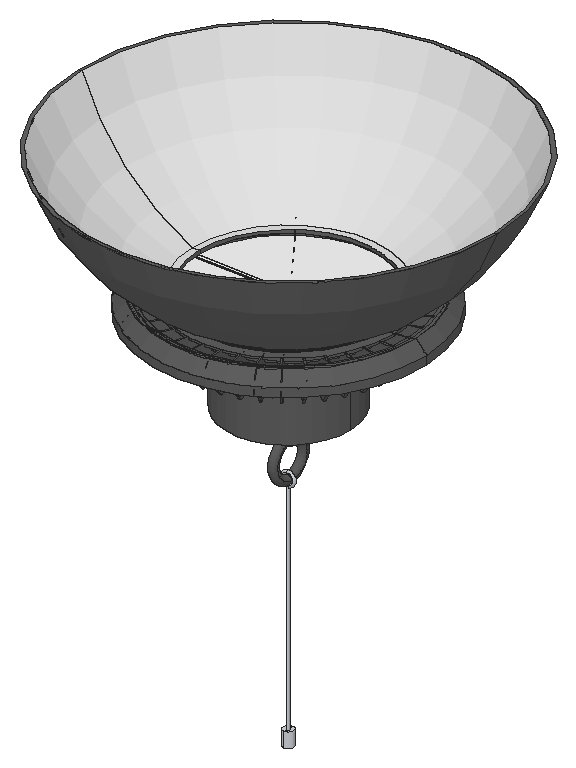
Revit family "0039365+0039357 Sylvania Lighting Fixture START HighBay IP65 DALI 13000lm 840 WB with ALU SHADE BLACK COLOR FOR 13 19KLM pendant", category Lighting Fixtures, host Face, Revit 2017
Family settings
  Host = Face
  Round Connector Dimension = Use Diameter
  Part Type = Normal
  OmniClass Number = 23.80.70.00
  OmniClass Title = Lighting
  Cut with Voids When Loaded = No
  Light Source = Yes
  Shared = No
  Room Calculation Point = No
Parameters (values of type "0039365+0039357 START HighBay IP65 DALI 13000lm 840 WB with ALU SHADE BLACK COLOR FOR 13/19KLM")
  WidthStraight_FEILO = if(SizeS_FEILO, 3 mm, if(SizeM_FEILO, 4 mm, 4.7 mm))  # 3 mm
  WidthRingChamfer_FEILO = if(SizeS_FEILO, 10.3 mm, if(SizeM_FEILO, 11.2 mm, 12.9 mm))  # 10.3 mm
  WidthCurved_FEILO = if(SizeS_FEILO, 17.4 mm, if(SizeM_FEILO, 16.4 mm, 26.2 mm))  # 17.4 mm
  WidthCurvedRing_FEILO = if(SizeS_FEILO, 3 mm, if(SizeM_FEILO, 4 mm, 4.7 mm))  # 3 mm
  WidthBracket_FEILO = 40 mm
  Weight = "3.0 kg"
  Wattage Comments = ""
  Wattage = 90 W
  WarrantyStartDate [instance] = "n/a"
  WarrantyGuarantorParts = "n/a"
  WarrantyDurationUnit = "n/a"
  WarrantyDurationParts = "n/a"
  WarrantyDescription = "n/a"
  built-in parameter 1150110 = 1 (stored number, unit not read)
  Voltage = 0 V
  VisibilityBracket_FEILO = no
  URL = "http://www.sylvania-lighting.com"
  TypeName = "START HighBay IP65 DALI 13000lm 840 WB with ALU SHADE BLACK COLOR FOR 13/19KLM"
  Type Image = <None>
  Type Comments = "n/a"
  built-in parameter 1114217 = 1 (stored number, unit not read)
  Tilt Angle = -90.00°
  ThicknessWall_FEILO = 1.5 mm
  ThicknessBracket_FEILO = 1.5 mm
  ThicknessBracketHalf_FEILO = ThicknessBracket_FEILO / 2  # 0.75 mm
  built-in parameter 1150109 = 1 (stored number, unit not read)
  built-in parameter 1150134 = 1
  SuspensionHeight_FEILO [instance] = 400 mm
  built-in parameter 1150113 = 1 (stored number, unit not read)
  SizeS_FEILO = yes
  SizeM_FEILO = no
  ShadeThickness_FEILO = 3 mm
  ShadeSizeSM_FEILO = or(SizeS_FEILO, SizeM_FEILO)  # yes
  ShadeRadiusOut_FEILO = 205 mm
  ShadeRadiusIn_FEILO = if(ShadeSizeSM_FEILO, 95 mm, 121 mm)  # 95 mm
  ShadeRadiusBend_FEILO = if(ShadeSizeSM_FEILO, 210 mm, 210 mm)  # 210 mm
  ShadeHeight_FEILO = if(ShadeSizeSM_FEILO, 120 mm, 151 mm)  # 120 mm
  SerialNumber [instance] = "n/a"
  Rib4_FEILO = if(SizeS_FEILO, 18.1 mm, if(SizeM_FEILO, 13.6 mm, 14.6 mm))  # 18.1 mm
  Rib3_FEILO = if(SizeS_FEILO, 15.3 mm, if(SizeM_FEILO, 17.6 mm, 20.2 mm))  # 15.3 mm
  Rib2_FEILO = if(SizeS_FEILO, 3.6 mm, if(SizeM_FEILO, 3.9 mm, 4.5 mm))  # 3.6 mm
  Rib1_FEILO = if(SizeS_FEILO, 15.1 mm, if(SizeM_FEILO, 16.5 mm, 19 mm))  # 15.1 mm
  RadiusDiffuser_FEILO = if(SizeS_FEILO, 95.2 mm, if(SizeM_FEILO, 105.3 mm, 120 mm))  # 95.2 mm
  RadiusArrayPost_FEILO = DriverRadius_FEILO - 6 mm  # 55.4 mm
  RHRadius3_FEILO = if(SizeS_FEILO, 6.6 mm, if(SizeM_FEILO, 7.4 mm, 8.6 mm))  # 6.6 mm
  RHRadius2_FEILO = if(SizeS_FEILO, 11 mm, if(SizeM_FEILO, 12 mm, 14 mm))  # 11 mm
  RHRadius1_FEILO = if(SizeS_FEILO, 13.6 mm, if(SizeM_FEILO, 14.9 mm, 17.7 mm))  # 13.6 mm
  RHHeight4_FEILO = if(SizeS_FEILO, 7.3 mm, if(SizeM_FEILO, 8 mm, 9.2 mm))  # 7.3 mm
  RHHeight3_FEILO = if(SizeS_FEILO, 3.6 mm, if(SizeM_FEILO, 3.7 mm, 4.6 mm))  # 3.6 mm
  RHHeight2_FEILO = if(SizeS_FEILO, 2 mm, if(SizeM_FEILO, 2.2 mm, 2.6 mm))  # 2 mm
  RHHeight1_FEILO = if(SizeS_FEILO, 11.8 mm, if(SizeM_FEILO, 15.3 mm, 17.4 mm))  # 11.8 mm
  Photometric Web File = "0039365+0039357.ies"
  Material_5_FEILO = Shade-Sylvania-StartHighbay-Alu
  Material_3_FEILO = LED-Sylvania-StartHighbay-Glow
  PowerFactor = 0.95
  PowerConsumption = "90 W"
  NominalLength = 270 mm
  NominalHeight = 175 mm
  NominalDepth = 270 mm
  Name = "START HighBay IP65 DALI 13000lm 840 WB with ALU SHADE BLACK COLOR FOR 13/19KLM"
  ModelReference = Name  # "START HighBay IP65 DALI 13000lm 840 WB with ALU SHADE BLACK COLOR FOR 13/19KLM"
  ModelNumber = "0039365+0039357"
  Model = Name  # "START HighBay IP65 DALI 13000lm 840 WB with ALU SHADE BLACK COLOR FOR 13/19KLM"
  Material = "aluminium alloy housing, polycarbonate diffuser"
  ManufacturerName = "Feilo Sylvania"
  Manufacturer = "Feilo Sylvania"
  LuminousEfficacy = "130 lm/W"
  built-in parameter 1150105 = 15901.2 (stored number, unit not read)
  Lumens = 11700 lm
  LuminaireType = ""
  built-in parameter 1150115 = 1 (stored number, unit not read)
  LightOutputRatio = "n/a"
  built-in parameter 1150137 = (empty or 0)
  built-in parameter 1150139 = (empty or 0)
  LampsType = Lamp  # "LED"
  LampNominalLuminous = "11700 lm"
  LampMacAdamStep = "6"
  LampColourTemperature = "6500 K"
  LampColourRenderingIndex = "80"
  built-in parameter 1150112 = 1 (stored number, unit not read)
  built-in parameter 1150114 = 1 (stored number, unit not read)
  Lamp = "LED"
  Keynote = "16500"
  InstallationDate [instance] = "n/a"
  InputVoltage = "n/a"
  InputNominalFrequency = "50/60 Hz"
  built-in parameter 1150132 = (empty or 0)
  built-in parameter 1150102 = (empty or 0)
  built-in parameter 1150107 = 6500 (stored number, unit not read)
  built-in parameter 1150138 = (empty or 0)
  IngressProtection = "IP65"
  ImpactProtectionIndex = "IK08"
  built-in parameter 1150106 = 159.01 (stored number, unit not read)
  IfcExportType = "IfcLightFixtureType"
  IfcExportAs = "IfcLightFixtureType"
  HeightRing_FEILO = if(SizeS_FEILO, 19.8 mm, if(SizeM_FEILO, 32 mm, 36.8 mm))  # 19.8 mm
  HeightRingChamfer_FEILO = if(SizeS_FEILO, 11.7 mm, if(SizeM_FEILO, 23.2 mm, 26.6 mm))  # 11.7 mm
  EyeThickness_FEILO = if(SizeS_FEILO, 8.4 mm, if(SizeM_FEILO, 9.2 mm, 10.5 mm))  # 8.4 mm
  EyeThicknessHalf_FEILO = EyeThickness_FEILO / 2  # 4.2 mm
  EyeInner_FEILO = if(SizeS_FEILO, 13.8 mm, if(SizeM_FEILO, 15.1 mm, 17.3 mm))  # 13.8 mm
  ExpectedLife = 50000
  Emit from Circle Diameter = RadiusDiffuser_FEILO * 2  # 190.4 mm
  Emit Shape Visible in Rendering = no
  ElectricShockClassification = "Class I"
  built-in parameter 1150104 = 12.077 (stored number, unit not read)
  DurationUnit = "hours"
  DriverVerticalStraight_FEILO = if(SizeS_FEILO, 46.5 mm, if(SizeM_FEILO, 49.7 mm, 57 mm))  # 46.5 mm
  DriverVerticalChamfer_FEILO = if(SizeS_FEILO, 7.5 mm, if(SizeM_FEILO, 8.2 mm, 9.5 mm))  # 7.5 mm
  DriverRadius_FEILO = if(SizeS_FEILO, 61.4 mm, if(SizeM_FEILO, 67.2 mm, 76.4 mm))  # 61.4 mm
  DriverRadiusTop_FEILO = if(SizeS_FEILO, 42 mm, if(SizeM_FEILO, 45.3 mm, 52.4 mm))  # 42 mm
  DriverBottom_FEILO = if(SizeS_FEILO, 56 mm, if(SizeM_FEILO, 64.5 mm, 74 mm))  # 56 mm
  DocumentationLiterature = "http://www.sylvania-lighting.com/product/en-int/products/0039365"
  DimmingControlOptions = "Dimmable"
  Material_2_FEILO = Diffuser-Sylvania-StartHighbay-Transparent
  Radius_FEILO = if(SizeS_FEILO, 135 mm, if(SizeM_FEILO, 148 mm, 169.5 mm))  # 135 mm
  Dimming Lamp Color Temperature Shift = <None>
  DiameterWire_FEILO = 3 mm
  DiameterWireSupport_FEILO = 10 mm
  Description = "START Highbay, includes 1 m cables, black aluminium housing, 11,700 Lm, 90 W, 130 Lm/W, 6500 K, drive current: 2000 mA, CRI 80, 90° beam angle, DALI dimmable, IP65, IK08, 50,000 hrs (L80/B50), (D x H) 270 x 175 mm."
  Default Elevation = 1219.2 mm
  CreatedOn = "5/15/2018"
  CreatedBy = ""
  Cost = 0
  Color Filter = 16777215
  built-in parameter 1114216 [instance] = (empty or 0)
  ClassificationValue = "EF_70_80"
  ClassificationName = "Uniclass2015"
  Material_1_FEILO = Body-Sylvania-StartHighbay-Black
  BarCode [instance] = "n/a"
  built-in parameter 1114218 = 1 (stored number, unit not read)
  built-in parameter 1150133 = 10 (stored number, unit not read)
  AssetType = "Fixed"
  AssetIdentifier [instance] = "n/a"
  Assembly Code = "D5020200"
  Apparent Load = 90 VA
  Material_4_FEILO = Shade-Sylvania-StartHighbay-Black
Reference planes
  plane 1 "Center (Front/Back)": y = 0
  plane 2: z = 0
  plane 3 "Center (Left/Right)": x = 0
  plane 4: z = 400
  plane 5: x = -135
  plane 6: x = -124.7
  plane 7: z = 388.3
  plane 8: z = 380.2
  plane 9: x = -121.7
  plane 10: z = 397.375
  plane 11: x = -104.3
  plane 12: x = -95.2
  plane 13: x = -118.7
  plane 14: z = 398.375
  plane 15: z = 396.375
  plane 16: x = -92.2
  plane 17: z = 395.375
  plane 18: x = -133.5
  plane 19: x = -119.9
  plane 20: z = 376.6
  plane 21: x = -104.6
  plane 22: z = 358.5
  plane 23: x = -20
  plane 24: z = 344
  plane 25: x = -61.4
  plane 26: z = 297.5
  plane 27: x = -42
  plane 28: z = 290
  plane 29: x = -13.6
  plane 30: z = 278.2
  plane 31: z = 276.2
  plane 32: x = -11
  plane 33: z = 272.6
  plane 34: z = 265.3
  plane 35: x = -6.6
  plane 36: z = 251.5
  plane 37: z = 237.7
  plane 38: x = 4.2
  plane 39: x = -4.2
  plane 40: z = 229.3
  plane 41: z = 233.5
  plane 42: x = -129.1
  plane 43: x = -132.5
  plane 44: z = 378.7
  plane 45: x = -123.2
  plane 46: z = 320.75
  plane 47: y = -20
  plane 48: y = 20
  plane 49: x = 135
  plane 50: x = 124.7
  plane 51: x = 133.5
  plane 52: x = 129.1
  plane 53: x = 132.5
  plane 54: x = 123.2
  plane 55: z = 240.7
  plane 56: y = 1.5
  plane 57: y = -1.5
  plane 58: z = 239.2
  plane 59: z = 227.8
  plane 60: z = 226.3
  plane 61: y = -5
  plane 62: y = 5
  plane 63: z = 14
  plane 64: x = -205
  plane 65: z = 520
  plane 66: x = -95
  plane 67: x = -87
  plane 68: x = -202
  plane 69: z = 403
Forms (mm)
  Revolve 1, solid, material "Body-Sylvania-StartHighbay-Black" <- "Material_1_FEILO", detail levels medium+fine
    sketch origin (0, 0, 0) x (1, 0, 0) y (0, 0, 1)
      loop
        line (-135, 380.2) -> (-133.5, 380.2) -> (-133.5, 387.734) -> (-125.012, 397.375) -> (-118.7, 397.375) -> (-118.7, 399.16)
        arc (-118.7, 399.16) -> (-120.206, 399.56) -> (-121.7, 400) r 58.981
        line (-121.7, 400) -> (-124.241, 400)
        arc (-124.241, 400) -> (-124.657, 399.911) -> (-124.999, 399.66) r 1.015
        line (-124.999, 399.66) -> (-135, 388.3) -> (-135, 380.2)
      axis (0, 400) -> (0, 380.2)
    angle from 360 to 0
  Revolve 2, solid, material "Body-Sylvania-StartHighbay-Black" <- "Material_1_FEILO", detail levels medium+fine
    sketch origin (0, 0, 0) x (1, 0, 0) y (0, 0, 1)
      loop
        line (-104.3, 395.375) -> (-95.2, 395.375) -> (-95.2, 388.3) -> (0, 388.3) -> (0, 395.375) -> (-92.2, 395.375) -> (-92.2, 396.375) -> (-95.2, 396.375) -> (-95.2, 397.375) -> (-104.3, 397.375) -> (-104.3, 395.375)
      axis (0, 397.375) -> (0, 388.3)
    angle from 360 to 0
  Revolve 3, solid, material "Diffuser-Sylvania-StartHighbay-Transparent" <- "Material_2_FEILO", detail levels medium+fine
    sketch origin (0, 0, 0) x (1, 0, 0) y (0, 0, 1)
      loop
        line (-95.2, 396.375) -> (0, 396.375) -> (0, 398.375) -> (-95.2, 398.375) -> (-95.2, 396.375)
      axis (0, 398.375) -> (0, 396.375)
    angle from 360 to 0
  Revolve 4, solid, material "Body-Sylvania-StartHighbay-Black" <- "Material_1_FEILO"
    sketch origin (0, 0, 0) x (1, 0, 0) y (0, 0, 1)
      loop
        line (-61.4, 358.5) -> (-61.4, 297.5) -> (-42, 290) -> (-13.6, 290) -> (-13.6, 278.2) -> (-11, 276.2) -> (-11, 272.6) -> (-7.037, 266.026)
        arc (-7.037, 266.026) -> (-6.49, 265.494) -> (-5.753, 265.3) r 1.5
        line (-5.753, 265.3) -> (0, 265.3) -> (0, 358.5) -> (-61.4, 358.5)
      axis (0, 358.5) -> (0, 265.3)
    angle from 360 to 0
  Revolve 5, solid, material "Body-Sylvania-StartHighbay-Black" <- "Material_1_FEILO"
    sketch origin (0, 0, 0) x (1, 0, 0) y (0, 0, 1)
      loop
        circle (0, 233.5) r 4.2
      axis (4.2, 251.5) -> (-4.2, 251.5)
    angle from 360 to 0
  Extrusion 6, solid, material "Body-Sylvania-StartHighbay-Black" <- "Material_1_FEILO", visible <- "VisibilityBracket_FEILO"
    sketch origin (0, 0, 0) x (1, 0, 0) y (0, 0, 1)
      loop
        line (-132.5, 380.2) -> (-132.5, 378.7) -> (-125.45, 378.7)
        arc (-125.45, 378.7) -> (-124.92, 378.48) -> (-124.7, 377.95) r 0.75
        line (-124.7, 377.95) -> (-124.7, 320.75) -> (-123.2, 320.75) -> (-123.2, 378.7)
        arc (-123.2, 378.7) -> (-123.639, 379.761) -> (-124.7, 380.2) r 1.5
        line (-124.7, 380.2) -> (-132.5, 380.2)
      loop
        line (132.5, 380.2) -> (124.7, 380.2)
        arc (124.7, 380.2) -> (123.639, 379.761) -> (123.2, 378.7) r 1.5
        line (123.2, 378.7) -> (123.2, 320.75) -> (124.7, 320.75) -> (124.7, 377.95)
        arc (124.7, 377.95) -> (124.92, 378.48) -> (125.45, 378.7) r 0.75
        line (125.45, 378.7) -> (132.5, 378.7) -> (132.5, 380.2)
    from -20 to 20
  Extrusion 7, void
    sketch origin (0, 0, 0) x (0, 1, 0) y (0, 0, 1)
      loop
        arc (-10, 320.75) -> (-17.071, 323.679) -> (-20, 330.75) r 10
        line (-20, 330.75) -> (-25, 330.75) -> (-25, 315.75) -> (-10, 315.75) -> (-10, 320.75)
      loop
        line (10, 320.75) -> (10, 315.75) -> (25, 315.75) -> (25, 330.75) -> (20, 330.75)
        arc (20, 330.75) -> (17.071, 323.679) -> (10, 320.75) r 10
    from -124.7 to 124.7
  Revolve 8, solid, material "Body-Sylvania-StartHighbay-Black" <- "Material_1_FEILO", detail levels coarse
    sketch origin (0, 0, 0) x (1, 0, 0) y (0, 0, 1)
      loop
        line (0, 400) -> (-124.7, 400) -> (-135, 388.3) -> (-135, 380.2) -> (-119.9, 380.2) -> (-119.9, 376.6) -> (-104.6, 358.5) -> (0, 358.5) -> (0, 400)
      axis (0, 400) -> (0, 358.5)
    angle from 360 to 0
  Revolve 9, solid
    sketch origin (0, 0, 0) x (0, 1, 0) y (0, 0, 1)
      loop
        circle (0, 239.2) r 1.5
      axis (1.5, 233.5) -> (-1.5, 233.5)
    angle from 360 to 0
  Revolve 10, solid
    sketch origin (0, 0, 0) x (0, 1, 0) y (0, 0, 1)
      loop
        line (0, 0) -> (0, 227.8) -> (-1.5, 227.8) -> (-1.5, 14) -> (-5, 14) -> (-5, 0) -> (0, 0)
      axis (0, 0) -> (0, 227.8)
    angle from 360 to 0
  Revolve 11, solid, material "Shade-Sylvania-StartHighbay-Black" <- "Material_4_FEILO"
    sketch origin (0, 0, 0) x (1, 0, 0) y (0, 0, 1)
      loop
        line (-95, 400) -> (-87, 400) -> (-87, 403) -> (-94.341, 403)
        arc (-94.341, 403) -> (-159.747, 450.78) -> (-201.81, 520) r 207
        line (-201.81, 520) -> (-205, 520)
        arc (-205, 520) -> (-162.101, 448.908) -> (-95, 400) r 210
      axis (0, 520) -> (0, 400)
    angle from 360 to 0
Cuts and joins
  Extrusion 7 cuts Extrusion 6
Lines and regions (mm)
  reference lines
    curve 1: line (-135, 0, 388.3) -> (-124.7, 0, 400)
    curve 2: line (-104.3, 0, 397.375) -> (0, 0, 397.375)
    curve 3: arc (-104.3, 0, 397.375) -> (-113.098, 0, 398.035) -> (-121.7, 0, 400) r 58.981
    curve 4: line (-124.7, 0, 400) -> (-121.7, 0, 400)
    curve 5: line (-125.012, 0, 397.375) -> (-133.5, 0, 387.734)
    curve 6: line (-119.9, 0, 376.6) -> (-104.6, 0, 358.5)
    curve 7: line (-11, 0, 272.6) -> (-6.6, 0, 265.3)
    curve 8: circle (0, 0, 233.5) r 4.2 normal (0, -1, 0)
    curve 9: arc (-95, 0, 400) -> (-162.101, 0, 448.908) -> (-205, 0, 520) r 210
Dimensions and locks
  "Radius_FEILO": plane 3 "Center (Left/Right)" to plane 5
  "WidthRingChamfer_FEILO": plane 6 to plane 5
  "WidthStraight_FEILO": plane 9 to plane 6
  "WidthCurvedRing_FEILO": plane 13 to plane 9
  locked: plane 10 to plane 15 at 1
  locked: plane 14 to plane 10 at 1
  locked: plane 4 to plane 10 at 2.625
  locked: plane 15 to plane 17 at 1
  "ThicknessWall_FEILO": plane 18 to plane 5
  "ThicknessWall_FEILO": curve 5 to curve 1
  "HeightRingChamfer_FEILO": plane 4 to plane 7
  "HeightRing_FEILO": plane 4 to plane 8
  "RadiusDiffuser_FEILO": plane 3 "Center (Left/Right)" to plane 12
  locked: plane 16 to plane 12 at 3
  "WidthCurved_FEILO": plane 11 to plane 9
  "SuspensionHeight_FEILO": plane 4 to plane 2
  "Rib1_FEILO": plane 19 to plane 5
  "Rib2_FEILO": plane 8 to plane 20
  "Rib3_FEILO": plane 21 to plane 19
  "Rib4_FEILO": plane 20 to plane 22
  locked: plane 3 "Center (Left/Right)" to plane 23 at 20
  "DriverBottom_FEILO": plane 4 to plane 24
  "DriverRadius_FEILO": plane 3 "Center (Left/Right)" to plane 25
  "DriverVerticalStraight_FEILO": plane 24 to plane 26
  "DriverRadiusTop_FEILO": plane 3 "Center (Left/Right)" to plane 27
  "DriverVerticalChamfer_FEILO": plane 26 to plane 28
  "RHRadius1_FEILO": plane 3 "Center (Left/Right)" to plane 29
  "RHHeight2_FEILO": plane 30 to plane 31
  "RHRadius2_FEILO": plane 3 "Center (Left/Right)" to plane 32
  "RHHeight3_FEILO": plane 31 to plane 33
  "RHHeight4_FEILO": plane 33 to plane 34
  "RHRadius3_FEILO": plane 3 "Center (Left/Right)" to plane 35
  "RHHeight1_FEILO": plane 28 to plane 30
  "EyeInner_FEILO": plane 34 to plane 36
  "EyeInner_FEILO": plane 36 to plane 37
  equal spacing: plane 38, plane 3 "Center (Left/Right)", plane 39
  "EyeThickness_FEILO": plane 38 to plane 39
  "EyeThickness_FEILO": plane 37 to plane 40
  equal spacing: plane 37, plane 41, plane 40
  equal spacing: plane 6, plane 42, plane 18
  "ThicknessBracket_FEILO": plane 45 to plane 6
  "ThicknessBracket_FEILO": plane 8 to plane 44
  locked: plane 43 to plane 18 at 1
  equal spacing: plane 24, plane 46, plane 26
  equal spacing: plane 47, plane 1 "Center (Front/Back)", plane 48
  "WidthBracket_FEILO": plane 47 to plane 48
  "WidthRingChamfer_FEILO": plane 50 to plane 49
  "ThicknessWall_FEILO": plane 51 to plane 49
  equal spacing: plane 50, plane 52, plane 51
  "ThicknessBracket_FEILO": plane 54 to plane 50
  locked: plane 53 to plane 51 at 1
  "Radius_FEILO": plane 49 to plane 3 "Center (Left/Right)"
  equal spacing: plane 57, imposter light, plane 56
  "DiameterWire_FEILO": plane 57 to plane 56
  "DiameterWire_FEILO": plane 37 to plane 55
  equal spacing: plane 37, plane 58, plane 55
  "DiameterWire_FEILO": plane 60 to plane 40
  equal spacing: plane 60, plane 59, plane 40
  equal spacing: plane 61, plane 1 "Center (Front/Back)", plane 62
  "DiameterWireSupport_FEILO": plane 61 to plane 62
  locked: plane 63 to plane 2 at 14
  "ShadeRadiusOut_FEILO": plane 3 "Center (Left/Right)" to plane 64
  "ShadeHeight_FEILO": plane 65 to plane 4
  "ShadeRadiusIn_FEILO": plane 3 "Center (Left/Right)" to plane 66
  locked: plane 67 to plane 66 at 8
  "ShadeThickness_FEILO": plane 69 to plane 4
  "ShadeThickness_FEILO": plane 68 to plane 64
  "EyeThicknessHalf_FEILO": radius of curve 8
  "ThicknessBracket_FEILO": radius of Extrusion 6 sketch curve  (x2)
  "ThicknessBracketHalf_FEILO": radius of Extrusion 6 sketch curve  (x2)
  "DiameterWire_FEILO": diameter of Revolve 9 sketch curve
  "ShadeRadiusBend_FEILO": radius of curve 9
  aligned and locked: plane 2 to host face
  aligned and locked: level to host face
  aligned and locked: plane 5 to curve 1
  aligned and locked: plane 6 to curve 1
  aligned and locked: plane 7 to curve 1
  aligned and locked: plane 10 to curve 2
  aligned and locked: plane 9 to curve 3
  aligned and locked: plane 4 to curve 3
  aligned and locked: plane 11 to curve 3
  aligned and locked: plane 4 to curve 4
  aligned and locked: plane 18 to curve 5
  aligned and locked: plane 10 to curve 5
  aligned and locked: Revolve 1 sketch curve to plane 3 "Center (Left/Right)"
  aligned and locked: Revolve 1 sketch curve to curve 3
  aligned and locked: Revolve 1 sketch curve to curve 1
  aligned and locked: plane 4 to Revolve 1 sketch curve
  aligned and locked: plane 9 to Revolve 1 sketch curve
  aligned and locked: Revolve 1 sketch curve to plane 13
  aligned and locked: Revolve 1 sketch curve to plane 10
  aligned and locked: plane 13 to Revolve 1 sketch curve
  aligned and locked: plane 10 to Revolve 1 sketch curve
  aligned and locked: Revolve 1 sketch curve to plane 18
  aligned and locked: Revolve 1 sketch curve to plane 8
  aligned and locked: plane 5 to Revolve 1 sketch curve  (x2)
  aligned and locked: Revolve 2 sketch curve to plane 3 "Center (Left/Right)"
  aligned and locked: plane 11 to Revolve 2 sketch curve
  aligned and locked: Revolve 2 sketch curve to curve 2
  aligned and locked: plane 15 to Revolve 2 sketch curve
  aligned and locked: Revolve 2 sketch curve to plane 16
  aligned and locked: plane 17 to Revolve 2 sketch curve  (x2)
  aligned and locked: Revolve 2 sketch curve to plane 12
  aligned and locked: plane 7 to Revolve 2 sketch curve
  aligned and locked: Revolve 3 sketch curve to plane 3 "Center (Left/Right)"
  aligned and locked: Revolve 3 sketch curve to plane 14
  aligned and locked: plane 3 "Center (Left/Right)" to Revolve 3 sketch curve
  aligned and locked: Revolve 3 sketch curve to plane 12
  aligned and locked: plane 15 to Revolve 3 sketch curve
  aligned and locked: Revolve 1 sketch curve to curve 5
  aligned and locked: plane 22 to curve 6
  aligned and locked: plane 21 to curve 6
  aligned and locked: plane 20 to curve 6
  aligned and locked: plane 19 to curve 6
  aligned and locked: plane 33 to curve 7
  aligned and locked: plane 32 to curve 7
  aligned and locked: plane 35 to curve 7
  aligned and locked: plane 34 to curve 7
  aligned and locked: Revolve 4 sketch curve to plane 3 "Center (Left/Right)"
  aligned and locked: Revolve 4 sketch curve to plane 25
  aligned and locked: plane 27 to Revolve 4 sketch curve
  aligned and locked: plane 28 to Revolve 4 sketch curve
  aligned and locked: plane 30 to Revolve 4 sketch curve
  aligned and locked: Revolve 4 sketch curve to plane 29
  aligned and locked: plane 31 to Revolve 4 sketch curve
  aligned and locked: Revolve 4 sketch curve to curve 7
  aligned and locked: Revolve 4 sketch curve to plane 32
  aligned and locked: plane 34 to Revolve 4 sketch curve
  aligned and locked: plane 3 "Center (Left/Right)" to Revolve 4 sketch curve
  aligned and locked: plane 3 "Center (Left/Right)" to curve 8
  aligned and locked: plane 41 to curve 8
  aligned and locked: Revolve 5 sketch curve to plane 36
  aligned and locked: Revolve 5 sketch curve to curve 8
  aligned and locked: plane 43 to Extrusion 6 sketch curve  (x2)
  aligned and locked: plane 8 to Extrusion 6 sketch curve  (x3)
  aligned and locked: Extrusion 6 sketch curve to plane 45
  aligned and locked: Extrusion 6 sketch curve to plane 46  (x2)
  aligned and locked: plane 6 to Extrusion 6 sketch curve
  aligned and locked: Extrusion 6 sketch curve to plane 44  (x2)
  aligned and locked: Extrusion 6 to plane 48
  aligned and locked: plane 47 to Extrusion 6
  aligned and locked: plane 53 to Extrusion 6 sketch curve
  aligned and locked: plane 50 to Extrusion 6 sketch curve
  aligned and locked: Extrusion 6 sketch curve to plane 54
  aligned and locked: Extrusion 7 sketch curve to Extrusion 7 sketch curve
  aligned and locked: Extrusion 7 to plane 6
  aligned and locked: Extrusion 7 to Extrusion 6
  aligned and locked: Revolve 4 sketch curve to plane 22
  aligned and locked: plane 23 to nested 1
  aligned and locked: plane 1 "Center (Front/Back)" to nested 1
  aligned and locked: Revolve 8 sketch curve to plane 3 "Center (Left/Right)"
  aligned and locked: Revolve 8 sketch curve to plane 4
  aligned and locked: plane 6 to Revolve 8 sketch curve
  aligned and locked: plane 4 to Revolve 8 sketch curve
  aligned and locked: plane 7 to Revolve 8 sketch curve
  aligned and locked: Revolve 8 sketch curve to plane 5
  aligned and locked: plane 8 to Revolve 8 sketch curve  (x2)
  aligned and locked: Revolve 8 sketch curve to plane 19
  aligned and locked: plane 20 to Revolve 8 sketch curve
  aligned and locked: plane 19 to Revolve 8 sketch curve
  aligned and locked: plane 21 to Revolve 8 sketch curve
  aligned and locked: plane 22 to Revolve 8 sketch curve  (x2)
  aligned and locked: Revolve 8 sketch curve to Revolve 8 sketch curve
  aligned and locked: imposter light to plane 4
  aligned and locked: plane 3 "Center (Left/Right)" to imposter light
  aligned and locked: imposter light to plane 1 "Center (Front/Back)"
  aligned and locked: Revolve 9 sketch curve to plane 41
  aligned and locked: Revolve 10 sketch curve to plane 1 "Center (Front/Back)"
  aligned and locked: plane 1 "Center (Front/Back)" to Revolve 10 sketch curve  (x2)
  aligned and locked: host face to Revolve 10 sketch curve
  aligned and locked: plane 63 to Revolve 10 sketch curve
  aligned and locked: Revolve 10 sketch curve to plane 61
  aligned and locked: Revolve 10 sketch curve to plane 57
  aligned and locked: plane 59 to Revolve 10 sketch curve
  aligned and locked: plane 64 to curve 9
  aligned and locked: plane 65 to curve 9
  aligned and locked: plane 66 to curve 9
  aligned and locked: plane 4 to curve 9
  aligned and locked: Revolve 11 sketch curve to curve 9
  aligned and locked: plane 67 to Revolve 11 sketch curve
  aligned and locked: plane 66 to Revolve 11 sketch curve
  aligned and locked: plane 65 to Revolve 11 sketch curve  (x2)
  aligned and locked: Revolve 11 sketch curve to plane 67
  aligned and locked: plane 69 to Revolve 11 sketch curve
Automatic sketch dimensions
  host sketch curve to host sketch curve = 2438.4 mm  (x2)
  Revolve 1 sketch curve to plane 6 = 0.299 mm
  plane 6 to Revolve 1 sketch curve = 0.459 mm
  Revolve 1 sketch curve to level = 609.6 mm
  Revolve 1 sketch curve to Revolve 1 sketch curve = 2312.223 mm
  Revolve 2 sketch curve to plane 12 = 0 mm
  Revolve 2 sketch curve to plane 3 "Center (Left/Right)" = 0 mm
  Revolve 2 sketch curve to level = 609.6 mm
  Revolve 2 sketch curve to plane 4 = 2339.058 mm
  Revolve 3 sketch curve to level = 609.6 mm
  Revolve 3 sketch curve to plane 4 = 2339.058 mm
  Revolve 5 sketch curve to plane 5 = 1080 mm
  plane 38 to Revolve 5 sketch curve = 1219.2 mm
  Extrusion 7 sketch curve to plane 47 = 0 mm
  plane 46 to Extrusion 7 sketch curve = 0 mm  (x2)
  Extrusion 7 sketch curve to plane 48 = 0 mm
  plane 47 to Extrusion 7 sketch curve = 5 mm
  plane 1 "Center (Front/Back)" to Extrusion 7 sketch curve = 10 mm
  Extrusion 7 sketch curve to Extrusion 7 sketch curve = 10 mm
  plane 46 to Extrusion 7 sketch curve = 5 mm
  Extrusion 7 sketch curve to Extrusion 7 sketch curve = 5 mm
  Extrusion 7 sketch curve to plane 48 = 5 mm
  Revolve 4 sketch curve to plane 26 = 0 mm
  Revolve 4 sketch curve to plane 35 = 0.437 mm
  plane 35 to Revolve 4 sketch curve = 0.847 mm
  Revolve 4 sketch curve to plane 34 = 0.726 mm
  plane 40 to Revolve 4 sketch curve = 590.2 mm
  Revolve 4 sketch curve to plane 4 = 2339.058 mm
  Revolve 8 sketch curve to level = 609.6 mm
  Revolve 8 sketch curve to Revolve 8 sketch curve = 2386.058 mm
  Revolve 9 sketch curve to plane 1 "Center (Front/Back)" = 0 mm
  plane 58 to Revolve 9 sketch curve = 0 mm
  plane 47 to Revolve 9 sketch curve = 2534.941 mm
  Revolve 9 sketch curve to plane 48 = 2077.409 mm
  Revolve 10 sketch curve to Revolve 10 sketch curve = 609.6 mm
  Revolve 10 sketch curve to plane 4 = 2123.807 mm
  curve 2 to plane 3 "Center (Left/Right)" = 0 mm
  Revolve 11 sketch curve to Revolve 11 sketch curve = 0 mm  (x2)
  Revolve 11 sketch curve to plane 3 "Center (Left/Right)" = 0 mm
  plane 66 to Revolve 11 sketch curve = 0.659 mm
  Revolve 11 sketch curve to level = 609.6 mm
  Revolve 11 sketch curve to Revolve 11 sketch curve = 2068.248 mm
Nested families
  nested 1: "Start Highbay Rib" at (0, 0, 397.375), type "Type Name", detail levels medium+fine
    with SuspensionHeight_FEILO 2.6 mm
  nested 2: "Start Highbay Rib" at (0, 0, 397.375) x (0.9877, 0.1564, 0) z (0, 0, 1), type "Type Name", detail levels medium+fine
    with SuspensionHeight_FEILO 2.6 mm
  nested 3: "Start Highbay Rib" at (0, 0, 397.375) x (0.9511, 0.309, 0) z (0, 0, 1), type "Type Name", detail levels medium+fine
    with SuspensionHeight_FEILO 2.6 mm
  nested 4: "Start Highbay Rib" at (0, 0, 397.375) x (0.891, 0.454, 0) z (0, 0, 1), type "Type Name", detail levels medium+fine
    with SuspensionHeight_FEILO 2.6 mm
  nested 5: "Start Highbay Rib" at (0, 0, 397.375) x (0.809, 0.5878, 0) z (0, 0, 1), type "Type Name", detail levels medium+fine
    with SuspensionHeight_FEILO 2.6 mm
  nested 6: "Start Highbay Rib" at (0, 0, 397.375) x (0.7071, 0.7071, 0) z (0, 0, 1), type "Type Name", detail levels medium+fine
    with SuspensionHeight_FEILO 2.6 mm
  nested 7: "Start Highbay Rib" at (0, 0, 397.375) x (0.5878, 0.809, 0) z (0, 0, 1), type "Type Name", detail levels medium+fine
    with SuspensionHeight_FEILO 2.6 mm
  nested 8: "Start Highbay Rib" at (0, 0, 397.375) x (0.454, 0.891, 0) z (0, 0, 1), type "Type Name", detail levels medium+fine
    with SuspensionHeight_FEILO 2.6 mm
  nested 9: "Start Highbay Rib" at (0, 0, 397.375) x (0.309, 0.9511, 0) z (0, 0, 1), type "Type Name", detail levels medium+fine
    with SuspensionHeight_FEILO 2.6 mm
  nested 10: "Start Highbay Rib" at (0, 0, 397.375) x (0.1564, 0.9877, 0) z (0, 0, 1), type "Type Name", detail levels medium+fine
    with SuspensionHeight_FEILO 2.6 mm
  nested 11: "Start Highbay Rib" at (0, 0, 397.375) x (0, 1, 0) z (0, 0, 1), type "Type Name", detail levels medium+fine
    with SuspensionHeight_FEILO 2.6 mm
  nested 12: "Start Highbay Rib" at (0, 0, 397.375) x (-0.1564, 0.9877, 0) z (0, 0, 1), type "Type Name", detail levels medium+fine
    with SuspensionHeight_FEILO 2.6 mm
  nested 13: "Start Highbay Rib" at (0, 0, 397.375) x (-0.309, 0.9511, 0) z (0, 0, 1), type "Type Name", detail levels medium+fine
    with SuspensionHeight_FEILO 2.6 mm
  nested 14: "Start Highbay Rib" at (0, 0, 397.375) x (-0.454, 0.891, 0) z (0, 0, 1), type "Type Name", detail levels medium+fine
    with SuspensionHeight_FEILO 2.6 mm
  nested 15: "Start Highbay Rib" at (0, 0, 397.375) x (-0.5878, 0.809, 0) z (0, 0, 1), type "Type Name", detail levels medium+fine
    with SuspensionHeight_FEILO 2.6 mm
  nested 16: "Start Highbay Rib" at (0, 0, 397.375) x (-0.7071, 0.7071, 0) z (0, 0, 1), type "Type Name", detail levels medium+fine
    with SuspensionHeight_FEILO 2.6 mm
  nested 17: "Start Highbay Rib" at (0, 0, 397.375) x (-0.809, 0.5878, 0) z (0, 0, 1), type "Type Name", detail levels medium+fine
    with SuspensionHeight_FEILO 2.6 mm
  nested 18: "Start Highbay Rib" at (0, 0, 397.375) x (-0.891, 0.454, 0) z (0, 0, 1), type "Type Name", detail levels medium+fine
    with SuspensionHeight_FEILO 2.6 mm
  nested 19: "Start Highbay Rib" at (0, 0, 397.375) x (-0.9511, 0.309, 0) z (0, 0, 1), type "Type Name", detail levels medium+fine
    with SuspensionHeight_FEILO 2.6 mm
  nested 20: "Start Highbay Rib" at (0, 0, 397.375) x (-0.9877, 0.1564, 0) z (0, 0, 1), type "Type Name", detail levels medium+fine
    with SuspensionHeight_FEILO 2.6 mm
  nested 21: "Start Highbay Rib" at (0, 0, 397.375) x (-1, 0, 0) z (0, 0, 1), type "Type Name", detail levels medium+fine
    with SuspensionHeight_FEILO 2.6 mm
  nested 22: "Start Highbay Rib" at (0, 0, 397.375) x (-0.9877, -0.1564, 0) z (0, 0, 1), type "Type Name", detail levels medium+fine
    with SuspensionHeight_FEILO 2.6 mm
  nested 23: "Start Highbay Rib" at (0, 0, 397.375) x (-0.9511, -0.309, 0) z (0, 0, 1), type "Type Name", detail levels medium+fine
    with SuspensionHeight_FEILO 2.6 mm
  nested 24: "Start Highbay Rib" at (0, 0, 397.375) x (-0.891, -0.454, 0) z (0, 0, 1), type "Type Name", detail levels medium+fine
    with SuspensionHeight_FEILO 2.6 mm
  nested 25: "Start Highbay Rib" at (0, 0, 397.375) x (-0.809, -0.5878, 0) z (0, 0, 1), type "Type Name", detail levels medium+fine
    with SuspensionHeight_FEILO 2.6 mm
  nested 26: "Start Highbay Rib" at (0, 0, 397.375) x (-0.7071, -0.7071, 0) z (0, 0, 1), type "Type Name", detail levels medium+fine
    with SuspensionHeight_FEILO 2.6 mm
  nested 27: "Start Highbay Rib" at (0, 0, 397.375) x (-0.5878, -0.809, 0) z (0, 0, 1), type "Type Name", detail levels medium+fine
    with SuspensionHeight_FEILO 2.6 mm
  nested 28: "Start Highbay Rib" at (0, 0, 397.375) x (-0.454, -0.891, 0) z (0, 0, 1), type "Type Name", detail levels medium+fine
    with SuspensionHeight_FEILO 2.6 mm
  nested 29: "Start Highbay Rib" at (0, 0, 397.375) x (-0.309, -0.9511, 0) z (0, 0, 1), type "Type Name", detail levels medium+fine
    with SuspensionHeight_FEILO 2.6 mm
  nested 30: "Start Highbay Rib" at (0, 0, 397.375) x (-0.1564, -0.9877, 0) z (0, 0, 1), type "Type Name", detail levels medium+fine
    with SuspensionHeight_FEILO 2.6 mm
  nested 31: "Start Highbay Rib" at (0, 0, 397.375) x (0, -1, 0) z (0, 0, 1), type "Type Name", detail levels medium+fine
    with SuspensionHeight_FEILO 2.6 mm
  nested 32: "Start Highbay Rib" at (0, 0, 397.375) x (0.1564, -0.9877, 0) z (0, 0, 1), type "Type Name", detail levels medium+fine
    with SuspensionHeight_FEILO 2.6 mm
  nested 33: "Start Highbay Rib" at (0, 0, 397.375) x (0.309, -0.9511, 0) z (0, 0, 1), type "Type Name", detail levels medium+fine
    with SuspensionHeight_FEILO 2.6 mm
  nested 34: "Start Highbay Rib" at (0, 0, 397.375) x (0.454, -0.891, 0) z (0, 0, 1), type "Type Name", detail levels medium+fine
    with SuspensionHeight_FEILO 2.6 mm
  nested 35: "Start Highbay Rib" at (0, 0, 397.375) x (0.5878, -0.809, 0) z (0, 0, 1), type "Type Name", detail levels medium+fine
    with SuspensionHeight_FEILO 2.6 mm
  nested 36: "Start Highbay Rib" at (0, 0, 397.375) x (0.7071, -0.7071, 0) z (0, 0, 1), type "Type Name", detail levels medium+fine
    with SuspensionHeight_FEILO 2.6 mm
  nested 37: "Start Highbay Rib" at (0, 0, 397.375) x (0.809, -0.5878, 0) z (0, 0, 1), type "Type Name", detail levels medium+fine
    with SuspensionHeight_FEILO 2.6 mm
  nested 38: "Start Highbay Rib" at (0, 0, 397.375) x (0.891, -0.454, 0) z (0, 0, 1), type "Type Name", detail levels medium+fine
    with SuspensionHeight_FEILO 2.6 mm
  nested 39: "Start Highbay Rib" at (0, 0, 397.375) x (0.9511, -0.309, 0) z (0, 0, 1), type "Type Name", detail levels medium+fine
    with SuspensionHeight_FEILO 2.6 mm
  nested 40: "Start Highbay Rib" at (0, 0, 397.375) x (0.9877, -0.1564, 0) z (0, 0, 1), type "Type Name", detail levels medium+fine
    with SuspensionHeight_FEILO 2.6 mm
Connectors
  electrical at (0, 0, 0), driven by "Apparent Load", driven by "PowerFactor", driven by "Voltage"
    settings: index 1, voltage 0 V, apparent load 90 VA, apparent load phase1 0 VA, apparent load phase2 0 VA, apparent load phase3 0 VA, power factor 0.95, load classification "Lighting", number of poles 1, system type 30, power factor state 1, is connector primary yes, connector utility no, sub classification motor no, connector description ""
Definition of nested family "Start Highbay Rib"
  Parameters (values of type "Type Name")
    WidthStraight_FEILO = if(SizeS_FEILO, 3 mm, if(SizeM_FEILO, 4 mm, 4.7 mm))  # 3 mm
    WidthRingChamfer_FEILO = if(SizeS_FEILO, 10.3 mm, if(SizeM_FEILO, 11.2 mm, 12.9 mm))  # 10.3 mm
    WidthCurved_FEILO = if(SizeS_FEILO, 17.4 mm, if(SizeM_FEILO, 16.4 mm, 26.2 mm))  # 17.4 mm
    WidthCurvedRing_FEILO = if(SizeS_FEILO, 3 mm, if(SizeM_FEILO, 4 mm, 4.7 mm))  # 3 mm
    WidthBracket_FEILO = 40 mm
    URL = "http://www.feilosylvania.com"
    Type Image = (empty or 0)
    Type Comments = "n/a"
    ThicknessWall_FEILO = 1.5 mm
    ThicknessBracket_FEILO = 1.5 mm
    ThicknessBracketHalf_FEILO = ThicknessBracket_FEILO / 2  # 0.75 mm
    SuspensionHeight_FEILO [instance] = 2.6 mm
    SizeS_FEILO = yes
    SizeM_FEILO = no
    Rib4_FEILO = if(SizeS_FEILO, 18.1 mm, if(SizeM_FEILO, 13.6 mm, 14.6 mm))  # 18.1 mm
    Rib3_FEILO = if(SizeS_FEILO, 15.3 mm, if(SizeM_FEILO, 17.6 mm, 20.2 mm))  # 15.3 mm
    Rib2_FEILO = if(SizeS_FEILO, 3.6 mm, if(SizeM_FEILO, 3.9 mm, 4.5 mm))  # 3.6 mm
    Rib1_FEILO = if(SizeS_FEILO, 15.1 mm, if(SizeM_FEILO, 16.5 mm, 19 mm))  # 15.1 mm
    RadiusRib_FEILO = 2 mm
    RadiusDiffuser_FEILO = if(SizeS_FEILO, 95.2 mm, if(SizeM_FEILO, 105.3 mm, 120 mm))  # 95.2 mm
    RHRadius3_FEILO = if(SizeS_FEILO, 6.6 mm, if(SizeM_FEILO, 7.4 mm, 8.6 mm))  # 6.6 mm
    RHRadius2_FEILO = if(SizeS_FEILO, 11 mm, if(SizeM_FEILO, 12 mm, 14 mm))  # 11 mm
    RHRadius1_FEILO = if(SizeS_FEILO, 13.6 mm, if(SizeM_FEILO, 14.9 mm, 17.7 mm))  # 13.6 mm
    RHHeight4_FEILO = if(SizeS_FEILO, 7.3 mm, if(SizeM_FEILO, 8 mm, 9.2 mm))  # 7.3 mm
    RHHeight3_FEILO = if(SizeS_FEILO, 3.6 mm, if(SizeM_FEILO, 3.7 mm, 4.6 mm))  # 3.6 mm
    RHHeight2_FEILO = if(SizeS_FEILO, 2 mm, if(SizeM_FEILO, 2.2 mm, 2.6 mm))  # 2 mm
    RHHeight1_FEILO = if(SizeS_FEILO, 11.8 mm, if(SizeM_FEILO, 15.3 mm, 17.4 mm))  # 11.8 mm
    Material_3_FEILO = none
    Model = ""
    Manufacturer = "Feilo Sylvania"
    Keynote = "16500"
    HeightRing_FEILO = if(SizeS_FEILO, 19.8 mm, if(SizeM_FEILO, 32 mm, 36.8 mm))  # 19.8 mm
    HeightRingChamfer_FEILO = if(SizeS_FEILO, 11.7 mm, if(SizeM_FEILO, 23.2 mm, 26.6 mm))  # 11.7 mm
    EyeThickness_FEILO = if(SizeS_FEILO, 8.4 mm, if(SizeM_FEILO, 9.2 mm, 10.5 mm))  # 8.4 mm
    EyeThicknessHalf_FEILO = EyeThickness_FEILO / 2  # 4.2 mm
    EyeInner_FEILO = if(SizeS_FEILO, 13.8 mm, if(SizeM_FEILO, 15.1 mm, 17.3 mm))  # 13.8 mm
    DriverVerticalStraight_FEILO = if(SizeS_FEILO, 46.5 mm, if(SizeM_FEILO, 49.7 mm, 57 mm))  # 46.5 mm
    DriverVerticalChamfer_FEILO = if(SizeS_FEILO, 7.5 mm, if(SizeM_FEILO, 8.2 mm, 9.5 mm))  # 7.5 mm
    DriverRadius_FEILO = if(SizeS_FEILO, 61.4 mm, if(SizeM_FEILO, 67.2 mm, 76.4 mm))  # 61.4 mm
    DriverRadiusTop_FEILO = if(SizeS_FEILO, 42 mm, if(SizeM_FEILO, 45.3 mm, 52.4 mm))  # 42 mm
    DriverBottom_FEILO = if(SizeS_FEILO, 56 mm, if(SizeM_FEILO, 64.5 mm, 74 mm))  # 56 mm
    Material_2_FEILO = none
    Radius_FEILO = if(SizeS_FEILO, 135 mm, if(SizeM_FEILO, 148 mm, 169.5 mm))  # 135 mm
    Description = ""
    Default Elevation = 1219.2 mm
    Cost = 0
    Material_1_FEILO = none
    Assembly Code = "D5020200"
    Material_4_FEILO = none
  Reference planes
    plane 1 "Center (Front/Back)": y = 0
    plane 2: z = 0
    plane 3 "Center (Left/Right)": x = 0
    plane 4: z = 2.6
    plane 5: x = -135
    plane 6: x = -124.7
    plane 7: z = -9.1
    plane 8: z = -17.2
    plane 9: x = -121.7
    plane 10: z = -0.025
    plane 11: x = -104.3
    plane 12: x = -95.2
    plane 13: x = -118.7
    plane 14: z = 0.975
    plane 15: z = -1.025
    plane 16: x = -92.2
    plane 17: z = -2.025
    plane 18: x = -133.5
    plane 19: x = -119.9
    plane 20: z = -20.8
    plane 21: x = -104.6
    plane 22: z = -38.9
    plane 23: x = -20
    plane 24: z = -53.4
    plane 25: x = -61.4
    plane 26: z = -99.9
    plane 27: x = -42
    plane 28: z = -107.4
    plane 29: x = -13.6
    plane 30: z = -119.2
    plane 31: z = -121.2
    plane 32: x = -11
    plane 33: z = -124.8
    plane 34: z = -132.1
    plane 35: x = -6.6
    plane 36: z = -145.9
    plane 37: z = -159.7
    plane 38: x = 4.2
    plane 39: x = -4.2
    plane 40: z = -168.1
    plane 41: z = -163.9
    plane 42: x = -129.1
    plane 43: x = -132.5
    plane 44: z = -18.7
    plane 45: x = -123.2
    plane 46: z = -76.65
    plane 47: y = -20
    plane 48: y = 20
    plane 49: x = 135
    plane 50: x = 124.7
    plane 51: x = 133.5
    plane 52: x = 129.1
    plane 53: x = 132.5
    plane 54: x = 123.2
    plane 55: y = 0.75
    plane 56: y = -0.75
  Forms (mm)
    Extrusion 1, solid
      sketch origin (4.2, 0, 0) x (1, 0, 0) y (0, 1, 0)
        loop
          line (-1219.2, 1219.2) -> (-1219.2, -1219.2) -> (1219.2, -1219.2) -> (1219.2, 1219.2) -> (-1219.2, 1219.2)
      from 0 to -68.017
    Extrusion 2, solid, material <- "Material_1_FEILO"
      sketch origin (0, 0, 0) x (1, 0, 0) y (0, 0, 1)
        loop
          arc (-104.3, -0.025) -> (-111.555, 0.423) -> (-118.7, 1.76) r 58.981
          line (-118.7, 1.76) -> (-118.7, -0.025) -> (-125.012, -0.025) -> (-133.5, -9.666) -> (-133.5, -17.2) -> (-119.9, -17.2) -> (-119.9, -20.068)
          arc (-119.9, -20.068) -> (-119.778, -20.755) -> (-119.427, -21.359) r 2
          line (-119.427, -21.359) -> (-104.966, -38.467)
          arc (-104.966, -38.467) -> (-104.381, -38.789) -> (-103.723, -38.9) r 2
          line (-103.723, -38.9) -> (-20, -38.9) -> (-20, -9.1) -> (-95.2, -9.1) -> (-95.2, -2.025) -> (-104.3, -2.025) -> (-104.3, -0.025)
      from -0.75 to 0.75
  Lines and regions (mm)
    reference lines
      curve 1: line (-135, 0, -9.1) -> (-124.7, 0, 2.6)
      curve 2: line (-104.3, 0, -0.025) -> (0, 0, -0.025)
      curve 3: arc (-104.3, 0, -0.025) -> (-113.098, 0, 0.635) -> (-121.7, 0, 2.6) r 58.981
      curve 4: line (-124.7, 0, 2.6) -> (-121.7, 0, 2.6)
      curve 5: line (-125.012, 0, -0.025) -> (-133.5, 0, -9.666)
      curve 6: line (-119.9, 0, -20.8) -> (-104.6, 0, -38.9)
  Dimensions and locks
    "Radius_FEILO": plane 3 "Center (Left/Right)" to plane 5
    "WidthRingChamfer_FEILO": plane 6 to plane 5
    "WidthStraight_FEILO": plane 9 to plane 6
    "WidthCurvedRing_FEILO": plane 13 to plane 9
    locked: plane 10 to plane 15 at 1
    locked: plane 14 to plane 10 at 1
    locked: plane 4 to plane 10 at 2.625
    locked: plane 15 to plane 17 at 1
    "ThicknessWall_FEILO": plane 18 to plane 5
    "ThicknessWall_FEILO": curve 5 to curve 1
    "HeightRingChamfer_FEILO": plane 4 to plane 7
    "HeightRing_FEILO": plane 4 to plane 8
    "RadiusDiffuser_FEILO": plane 3 "Center (Left/Right)" to plane 12
    locked: plane 16 to plane 12 at 3
    "WidthCurved_FEILO": plane 11 to plane 9
    "SuspensionHeight_FEILO": plane 4 to plane 2
    "Rib1_FEILO": plane 19 to plane 5
    "Rib2_FEILO": plane 8 to plane 20
    "Rib3_FEILO": plane 21 to plane 19
    "Rib4_FEILO": plane 20 to plane 22
    locked: plane 3 "Center (Left/Right)" to plane 23 at 20
    "DriverBottom_FEILO": plane 4 to plane 24
    "DriverRadius_FEILO": plane 3 "Center (Left/Right)" to plane 25
    "DriverVerticalStraight_FEILO": plane 24 to plane 26
    "DriverRadiusTop_FEILO": plane 3 "Center (Left/Right)" to plane 27
    "DriverVerticalChamfer_FEILO": plane 26 to plane 28
    "RHRadius1_FEILO": plane 3 "Center (Left/Right)" to plane 29
    "RHHeight2_FEILO": plane 30 to plane 31
    "RHRadius2_FEILO": plane 3 "Center (Left/Right)" to plane 32
    "RHHeight3_FEILO": plane 31 to plane 33
    "RHHeight4_FEILO": plane 33 to plane 34
    "RHRadius3_FEILO": plane 3 "Center (Left/Right)" to plane 35
    "RHHeight1_FEILO": plane 28 to plane 30
    "EyeInner_FEILO": plane 34 to plane 36
    "EyeInner_FEILO": plane 36 to plane 37
    equal spacing: plane 38, plane 3 "Center (Left/Right)", plane 39
    "EyeThickness_FEILO": plane 38 to plane 39
    "EyeThickness_FEILO": plane 37 to plane 40
    equal spacing: plane 37, plane 41, plane 40
    equal spacing: plane 6, plane 42, plane 18
    "ThicknessBracket_FEILO": plane 45 to plane 6
    "ThicknessBracket_FEILO": plane 8 to plane 44
    locked: plane 43 to plane 18 at 1
    equal spacing: plane 24, plane 46, plane 26
    equal spacing: plane 47, plane 1 "Center (Front/Back)", plane 48
    "WidthBracket_FEILO": plane 47 to plane 48
    "WidthRingChamfer_FEILO": plane 50 to plane 49
    "ThicknessWall_FEILO": plane 51 to plane 49
    equal spacing: plane 50, plane 52, plane 51
    "ThicknessBracket_FEILO": plane 54 to plane 50
    locked: plane 53 to plane 51 at 1
    "Radius_FEILO": plane 49 to plane 3 "Center (Left/Right)"
    equal spacing: plane 56, plane 1 "Center (Front/Back)", plane 55
    "ThicknessWall_FEILO": plane 56 to plane 55
    "RadiusRib_FEILO": radius of Extrusion 2 sketch curve  (x2)
    aligned and locked: plane 2 to Extrusion 1
    aligned and locked: level to Extrusion 1
    aligned and locked: plane 5 to curve 1
    aligned and locked: plane 6 to curve 1
    aligned and locked: plane 7 to curve 1
    aligned and locked: plane 10 to curve 2
    aligned and locked: plane 9 to curve 3
    aligned and locked: plane 4 to curve 3
    aligned and locked: plane 11 to curve 3
    aligned and locked: plane 4 to curve 4
    aligned and locked: plane 18 to curve 5
    aligned and locked: plane 10 to curve 5
    aligned and locked: plane 22 to curve 6
    aligned and locked: plane 21 to curve 6
    aligned and locked: plane 20 to curve 6
    aligned and locked: plane 19 to curve 6
    aligned and locked: Extrusion 2 sketch curve to plane 23
    aligned and locked: Extrusion 2 sketch curve to plane 22
    aligned and locked: Extrusion 2 sketch curve to curve 6
    aligned and locked: plane 19 to Extrusion 2 sketch curve
    aligned and locked: Extrusion 2 sketch curve to plane 8
    aligned and locked: Extrusion 2 sketch curve to curve 5
    aligned and locked: Extrusion 2 sketch curve to curve 3
    aligned and locked: Extrusion 2 to plane 55
    aligned and locked: plane 56 to Extrusion 2
    aligned and locked: curve 6 to Extrusion 2 sketch curve
  Automatic sketch dimensions
    Extrusion 1 sketch curve to Extrusion 1 sketch curve = 2438.4 mm  (x2)
    curve 2 to plane 3 "Center (Left/Right)" = 0 mm
    Extrusion 2 sketch curve to plane 18 = 0 mm
    Extrusion 2 sketch curve to plane 10 = 0 mm
    Extrusion 2 sketch curve to plane 13 = 0 mm
    Extrusion 2 sketch curve to plane 7 = 0 mm
    Extrusion 2 sketch curve to plane 12 = 0 mm
    Extrusion 2 sketch curve to plane 17 = 0 mm
    plane 19 to Extrusion 2 sketch curve = 0.473 mm
    Extrusion 2 sketch curve to plane 21 = 0.366 mm
